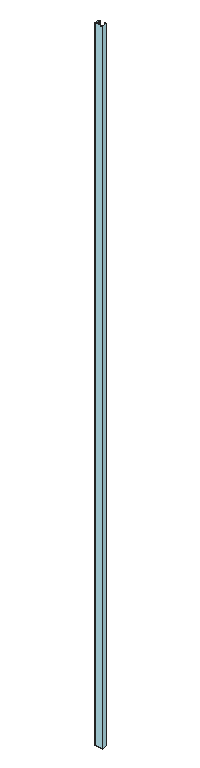
Revit family "as50x28x10x1-6", category 機械設備, Revit 2022
Family settings
  丸型コネクタ寸法 = 直径を使用
  種別 = なし
  パーツ タイプ = 標準
  作業面ベース = いいえ
  常に垂直 = はい
  ロード時にボイドで切り取り = いいえ
  注釈の向きを維持 = いいえ
  共有 = いいえ
  部屋計算ポイント = いいえ
Parameters
  製造元 = "株式会社桐井製作所"
  既定の高さ = 0 mm
  URL = "https://www.kirii.co.jp/"
  K_長さ(mm) [instance] = 4000 mm
  K_外形寸法(mm) = "50×28×10×1.6"
  K_品名 = "リップ付チャンネルAS-50×28×10×1.6(折曲加工)"
  K_名称 = "斜め部材(ブレース材)"
  K_バージョン情報 = "20211216"
Reference planes
  plane 1 "中心(正面/背面)": y = 0
  plane 2: z = 0
  plane 3 "中心(左/右)": x = 0
  plane 4: x = 25
  plane 5: x = -25
  plane 6: z = 4000
  plane 7: y = 28
Forms (mm)
  Extrusion 1, solid
    sketch origin (27.5, 1, 0) x (1, 0, 0) y (0, 1, 0)
      loop
        line (-52.5, 27) -> (-52.5, -1) -> (-2.5, -1) -> (-2.5, 27) -> (-12.5, 27) -> (-12.5, 25.4) -> (-4.1, 25.4) -> (-4.1, 0.6) -> (-50.9, 0.6) -> (-50.9, 25.4) -> (-42.5, 25.4) -> (-42.5, 27) -> (-52.5, 27)
    from 0 to 4000
Dimensions and locks
  "K_長さ(mm)": plane 6 to plane 2
  aligned and locked: level to plane 2
  aligned and locked: plane 6 to Extrusion 1
Automatic sketch dimensions
  Extrusion 1 sketch curve to plane 5 = 0 mm
  plane 1 "中心(正面/背面)" to Extrusion 1 sketch curve = 0 mm
  plane 7 to Extrusion 1 sketch curve = 0 mm  (x2)
  Extrusion 1 sketch curve to plane 4 = 0 mm
  Extrusion 1 sketch curve to Extrusion 1 sketch curve = 1.6 mm
  Extrusion 1 sketch curve to Extrusion 1 sketch curve = 8.4 mm
  Extrusion 1 sketch curve to plane 4 = 10 mm
  Extrusion 1 sketch curve to plane 4 = 1.6 mm
  Extrusion 1 sketch curve to plane 1 "中心(正面/背面)" = 1.6 mm
  plane 7 to Extrusion 1 sketch curve = 1.6 mm  (x2)
